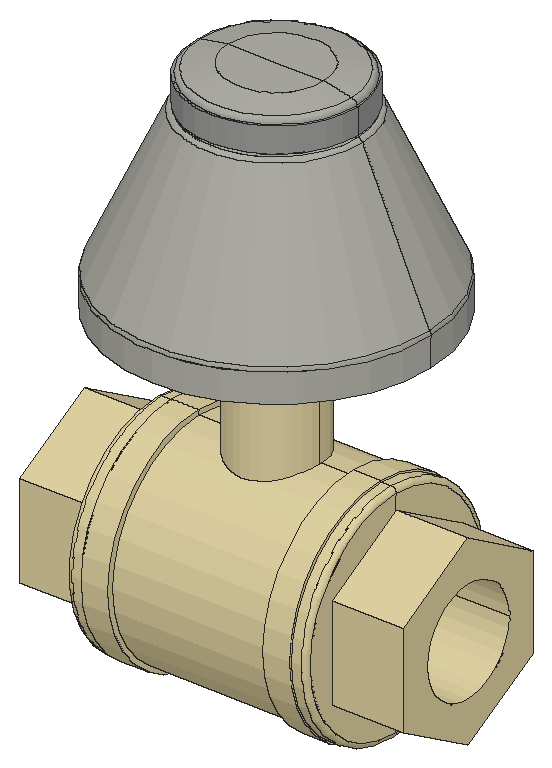
Revit family "QD20100000", category Apparecchi idraulici, Revit 2020
Family settings
  Quota connettore circolare = Usa diametro
  Tipo di parte = Normale
  Numero OmniClass = 23.45.00.00
  Titolo OmniClass = Sanitary, Laundry, and Cleaning Equipment
  Basato su piano di lavoro = No
  Sempre verticale = Sì
  Taglio con vuoti quando caricato = No
  Condiviso = No
  Punto di calcolo locali = No
Parameters
  URL = "https://web.cimberio.it/index.php/figura/259?subcategoria_id=43151"
  Temperatura di esercizio = "-20 ÷ 90°C"
  Prospetto di default = 0 mm
  Produttore = "CIMBERIO SPA"
  Pressione nominale = "PN 25"
  Modello = "Cim 25"
  Materiale = "Prodotto in lega di ottone conforme alla norma EN 12165-CW617N-DW"
  Descrizione = "Utilizzato nei più svariati settori dell'impiantistica: impianti di riscaldamento, condizionamento, idrici, igienico-sanitari, aria compressa e in generale con ogni fluido non corrosivo"
  DN Model [instance] = QD20101020 : QD20101020
  DN [instance] = 20 mm
  Commenti sul tipo = "Realizzato in ottemperanza ai requisiti gestionali della norma EN ISO 9001.\r\nCollaudato al 100% secondo la normativa EN 12266-1"
Reference planes
  plane 1 "Centro (Fronte/Retro)": y = 0
  plane 2: z = 0
  plane 3 "Centro (Sinistra/Destra)": x = 0
Dimensions and locks
  aligned and locked: level to plane 2
Nested families
  nested 1: "QD20101020" at (0, 0, 0), type <- "DN Model", type "QD20101020"
  nested 2: "QD20101020" at (0, 0, 0), type <- "DN Model", type "QD20101020"
  nested 3: "QD20101020" at (0, 0, 0), type <- "DN Model", type "QD20101020"
  nested 4: "QD20101020" at (0, 0, 0), type <- "DN Model", type "QD20101020"
Connectors
  piping at (37.2, 0, 0), diameter 20, driven by "DN"
    settings: on nested 1, index 1, connector inside diameter 609.6 mm, connector length 0 mm, flow factor 0, pipe flow 0.0 L/s, pressure drop 0.0 Pa, fitting loss kfactor 0, connector angle 0.00°, fixture units 0, engagement length 0 mm, angle of deflection 0.00°, flow configuration 0, flow direction 0, fitting loss method 0, system type 7, joint type 0, gender type 0, connector reference index -1, connector utility 0, adjustable connector no, is connector primary yes, connector description ""
  piping at (-37.2, 0, 0), diameter 20, driven by "DN"
    settings: on nested 1, index 2, connector inside diameter 609.6 mm, connector length 0 mm, flow factor 0, pipe flow 0.0 L/s, pressure drop 0.0 Pa, fitting loss kfactor 0, connector angle 0.00°, fixture units 0, engagement length 0 mm, angle of deflection 0.00°, flow configuration 0, flow direction 0, fitting loss method 0, system type 7, joint type 0, gender type 0, connector reference index -1, connector utility 0, adjustable connector no, is connector primary no, connector description ""
Definition of nested family "QD20101020"
  Parameters (values of type "QD20101020")
    Default Elevation = 0 mm
  Reference planes
    plane 1 "Centro (Fronte/Retro)": y = 0
    plane 2: z = 0
    plane 3 "Centro (Sinistra/Destra)": x = 0
  Forms (mm)
    Extrusion 1, solid
      sketch origin (0, 0, 0) x (0, 1, 0) y (0, 0, 1)
        loop
          circle (0, 0) r 10
        loop
          line (0, 18) -> (-15.588, 9) -> (-15.588, -9) -> (0, -18) -> (15.588, -9) -> (15.588, 9) -> (0, 18)
      from -37.2 to -23.2
    Revolve 2, solid
      sketch origin (0, 0, 7.5) x (1, 0, 0) y (0, 0, 1)
        loop
          line (0, 72.5) -> (-15.84, 72.5)
          arc (-15.84, 72.5) -> (-16.377, 72.343) -> (-16.746, 71.923) r 1
          line (-16.746, 71.923) -> (-29.813, 43.902)
          arc (-29.813, 43.902) -> (-29.953, 43.489) -> (-30, 43.057) r 2
          line (-30, 43.057) -> (-30, 37.5) -> (-10, 37.5) -> (-10, 53.464) -> (0, 53.464) -> (0, 72.5)
        axis (0, 72.5) -> (0, 37.5)
      angle from 0 to 360
    Revolve 3, solid
      sketch origin (0, 0, 7.5) x (1, 0, 0) y (0, 0, 1)
        loop
          line (0, 80) -> (-9.25, 80) -> (-14.674, 79.044)
          arc (-14.674, 79.044) -> (-15.285, 78.679) -> (-15.498, 78) r 1
          line (-15.498, 78) -> (0, 78) -> (0, 80)
        axis (0, 80) -> (0, 78)
      angle from 0 to 360
    Revolve 4, solid
      sketch origin (0, 0, 7.5) x (1, 0, 0) y (0, 0, 1)
        loop
          line (0, 78) -> (-15.961, 78) -> (-15.961, 73.084) -> (-14.95, 72.5) -> (0, 72.5) -> (0, 78)
        axis (0, 78) -> (0, 72.5)
      angle from 0 to 360
    Revolve 5, solid
      sketch origin (0, 0, 0) x (1, 0, 0) y (0, 0, 1)
        loop
          arc (23.2, 20.75) -> (22.907, 21.457) -> (22.2, 21.75) r 1
          line (22.2, 21.75) -> (20.2, 21.75) -> (20.2, 10) -> (23.2, 10) -> (23.2, 20.75)
        axis (20.2, 0) -> (23.2, 0)
      angle from 0 to 360
    Revolve 6, solid
      sketch origin (0, 0, 9) x (1, 0, 0) y (0, 0, 1)
        loop
          line (-5, 36) -> (-14.95, 36) -> (-14.45, 35) -> (-10.5, 35)
          arc (-10.5, 35) -> (-9.086, 34.414) -> (-8.5, 33) r 2
          line (-8.5, 33) -> (-8.5, 8) -> (-5, 8) -> (-5, 36)
        axis (0, 36) -> (0, 8)
      angle from 0 to 360
    Revolve 7, solid
      sketch origin (0, 0, 0) x (1, 0, 0) y (0, 0, 1)
        loop
          line (-20.2, 10) -> (20.2, 10) -> (20.2, 22) -> (15, 22) -> (15, 21) -> (-15, 21) -> (-15, 22) -> (-20.2, 22) -> (-20.2, 10)
        axis (-20.2, 0) -> (20.2, 0)
      angle from 0 to 360
    Extrusion 8, solid
      sketch origin (0, 0, 0) x (0, 1, 0) y (0, 0, -1)
        loop
          circle (0, 0) r 10
        loop
          line (0, -18) -> (15.588, -9) -> (15.588, 9) -> (0, 18) -> (-15.588, 9) -> (-15.588, -9) -> (0, -18)
      from -37.2 to -23.2
    Revolve 9, solid
      sketch origin (0, 0, 0) x (-1, 0, 0) y (0, 0, 1)
        loop
          arc (23.2, 20.75) -> (22.907, 21.457) -> (22.2, 21.75) r 1
          line (22.2, 21.75) -> (20.2, 21.75) -> (20.2, 10) -> (23.2, 10) -> (23.2, 20.75)
        axis (20.2, 0) -> (23.2, 0)
      angle from 0 to 360
  Dimensions and locks
    aligned and locked: level to plane 2
